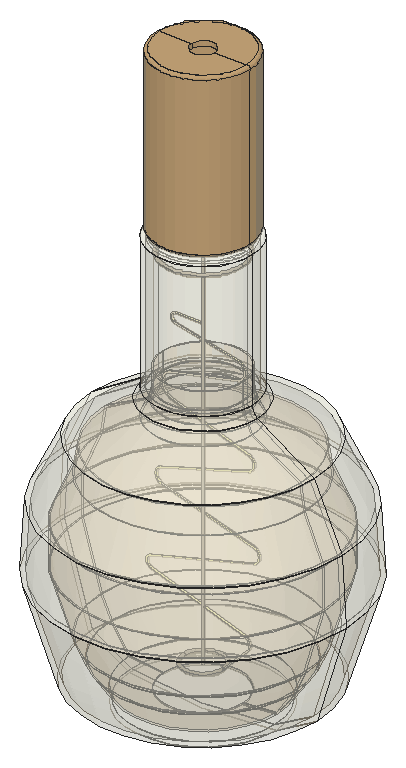
Revit family "LGB4", category Lighting Fixtures, Revit 2024
Family settings
  Round Connector Dimension = Use Diameter
  Part Type = Normal
  OmniClass Number = 23.80.70.00
  OmniClass Title = Lighting
  Work Plane-Based = No
  Always vertical = Yes
  Cut with Voids When Loaded = No
  Light Source = No
  Maintain Annotation Orientation = No
  Shared = No
  Room Calculation Point = No
Parameters
  Default Elevation = 0' - 0"
Reference planes (in)
  plane 1 "Light Source Axis (F/B)": y = 0
  plane 2: z = 0
  plane 3 "Light Source Axis (L/R)": x = 0
  plane 4 "Light Source Elevation": z = 54
Forms (in)
  Revolve 1, solid, material "59"
    sketch origin (0, 0, -1.25622) x (1, 0, 0) y (0, 0, 1)
      loop
        arc (-0.9375, 68) -> (-0.98169, 67.98169) -> (-1, 67.9375) r 0.0625
        line (-1, 67.9375) -> (-1, 64.5625)
        arc (-1, 64.5625) -> (-0.98169, 64.51831) -> (-0.9375, 64.5) r 0.0625
        line (-0.9375, 64.5) -> (-0.90625, 64.5) -> (-0.90625, 67.90625) -> (-0.25, 67.90625) -> (-0.25, 68) -> (-0.9375, 68)
      axis (0, 68) -> (0, 64.5)
    angle from 0 to 360
  Revolve 2, solid, material "GENEVA BULB"
    sketch origin (0, 0, -1.25622) x (1, 0, 0) y (0, 0, 1)
      loop
        line (-0.88048, 64.5) -> (-0.9375, 64.5)
        arc (-0.9375, 64.5) -> (-1.02589, 64.46339) -> (-1.0625, 64.375) r 0.125
        line (-1.0625, 64.375) -> (-1.0625, 61.47885)
        arc (-1.0625, 61.47885) -> (-1.0944, 61.35666) -> (-1.18194, 61.26565) r 0.25
        line (-1.18194, 61.26565) -> (-2.39696, 60.52161) -> (-2.99861, 59.25649) -> (-3.0841, 57.87853) -> (-2.45565, 55.868) -> (-1.57221, 55.38873) -> (0, 55.25622) -> (0, 55.35031) -> (-1.54476, 55.4805) -> (-2.37752, 55.93227) -> (-2.98946, 57.88999) -> (-2.90616, 59.23259) -> (-2.32425, 60.4562) -> (-1.13298, 61.1857)
        arc (-1.13298, 61.1857) -> (-1.01261, 61.31084) -> (-0.96875, 61.47885) r 0.34375
        line (-0.96875, 61.47885) -> (-0.96875, 64.375)
        arc (-0.96875, 64.375) -> (-0.9596, 64.3971) -> (-0.9375, 64.40625) r 0.03125
        line (-0.9375, 64.40625) -> (-0.78673, 64.40625) -> (-0.78673, 65.93591) -> (-0.88048, 65.93591) -> (-0.88048, 64.5)
      axis (0, 65.93591) -> (0, 55.25622)
    angle from 0 to 360
  Revolve 3, solid, material "INTERNAL"
    sketch origin (0, 0, -1.25622) x (1, 0, 0) y (0, 0, 1)
      loop
        circle (-0.81943, 64.07284) r 0.03201
      loop
        circle (-0.41498, 56.14866) r 0.03201
      loop
        line (-0.03125, 64.22167) -> (-0.03125, 56.12681) -> (0, 56.12681) -> (0, 64.22167) -> (-0.03125, 64.22167)
      axis (0, 64.22167) -> (0, 56.12681)
    angle from 0 to 360
  Sweep 4, solid, material "INTERNAL"
    path origin (0, 0, -1.25622) x (1, 0, 0) y (0, 0, 1)
      loop
        line (-0.25, 64.5) -> (-0.25, 64.22199) -> (0.25, 64.22199) -> (0.25, 64.5)
    profile origin (-0.25, 0, 63.10477) x (0, -1, 0) y (1, 0, 0)
      loop
        circle (0, 0) r 0.0312
  Extrusion 5, solid, material "LIGHT"
    sketch origin (0, 0, -1.25622) x (1, 0, 0) y (0, 0, 1)
      loop
        line (-0.03125, 62.67154) -> (-0.03125, 62.70279) -> (-0.58206, 62.70279)
        arc (-0.58206, 62.70279) -> (-0.6944, 62.60075) -> (-0.6036, 62.47914) r 0.11286
        line (-0.6036, 62.47914) -> (0.75023, 62.21598)
        arc (0.75023, 62.21598) -> (0.89385, 62.04482) -> (0.75629, 61.86875) r 0.17752
        line (0.75629, 61.86875) -> (-0.68653, 61.53565)
        arc (-0.68653, 61.53565) -> (-0.90176, 61.27562) -> (-0.70739, 60.99965) r 0.27796
        line (-0.70739, 60.99965) -> (0.99133, 60.46544)
        arc (0.99133, 60.46544) -> (1.0886, 60.33234) -> (0.99027, 60.20001) r 0.13895
        line (0.99027, 60.20001) -> (-0.89784, 59.62276)
        arc (-0.89784, 59.62276) -> (-1.02831, 59.44318) -> (-0.89165, 59.26827) r 0.18442
        line (-0.89165, 59.26827) -> (1.09042, 58.73717)
        arc (1.09042, 58.73717) -> (1.20274, 58.59081) -> (1.09042, 58.44444) r 0.15153
        line (1.09042, 58.44444) -> (-1.11248, 57.85417)
        arc (-1.11248, 57.85417) -> (-1.22286, 57.7129) -> (-1.11748, 57.56786) r 0.14895
        line (-1.11748, 57.56786) -> (0.88594, 56.95535)
        arc (0.88594, 56.95535) -> (0.98941, 56.84631) -> (0.94924, 56.70146) r 0.15263
        line (0.94924, 56.70146) -> (0.41296, 56.16517) -> (0.43505, 56.14307) -> (0.97134, 56.67936)
        arc (0.97134, 56.67936) -> (1.01973, 56.85387) -> (0.89508, 56.98523) r 0.18388
        line (0.89508, 56.98523) -> (-1.10835, 57.59774)
        arc (-1.10835, 57.59774) -> (-1.19162, 57.71235) -> (-1.1044, 57.82399) r 0.1177
        line (-1.1044, 57.82399) -> (1.09851, 58.41425)
        arc (1.09851, 58.41425) -> (1.23399, 58.59081) -> (1.09851, 58.76736) r 0.18278
        line (1.09851, 58.76736) -> (-0.88357, 59.29845)
        arc (-0.88357, 59.29845) -> (-0.99707, 59.44373) -> (-0.8887, 59.59287) r 0.15317
        line (-0.8887, 59.59287) -> (0.99941, 60.17013)
        arc (0.99941, 60.17013) -> (1.11985, 60.33221) -> (1.00071, 60.49525) r 0.1702
        line (1.00071, 60.49525) -> (-0.68734, 61.0261)
        arc (-0.68734, 61.0261) -> (-0.86198, 61.27407) -> (-0.6686, 61.50772) r 0.24976
        line (-0.6686, 61.50772) -> (0.76332, 61.8383)
        arc (0.76332, 61.8383) -> (0.92509, 62.04537) -> (0.75619, 62.24666) r 0.20877
        line (0.75619, 62.24666) -> (-0.59763, 62.50982)
        arc (-0.59763, 62.50982) -> (-0.6633, 62.59775) -> (-0.58206, 62.67154) r 0.08161
        line (-0.58206, 62.67154) -> (-0.03125, 62.67154)
    from 0.01562 to -0.01562
  Revolve 6, solid
    sketch origin (0, 0, 0) x (1, 0, 0) y (0, 0, 1)
      loop
        line (-1.06667, 59.64962) -> (-2.11633, 59.09151) -> (-2.20049, 58.56015) -> (-2.60723, 57.6466) -> (-2.60723, 56.78691) -> (-2.19693, 55.44487) -> (-1.98562, 54.99172) -> (-1.59678, 54.4364) -> (-0.84691, 54.37079) -> (-0.84691, 54.40216) -> (-1.57954, 54.46626) -> (-1.95845, 55.0074) -> (-2.16768, 55.4561) -> (-2.57598, 56.79158) -> (-2.57598, 57.63996) -> (-2.17027, 58.55119) -> (-2.08791, 59.07123) -> (-1.04277, 59.62694) -> (-0.88206, 59.9716) -> (-0.84188, 60.22529) -> (-0.84188, 60.60497) -> (-0.87313, 60.60497) -> (-0.87313, 60.22774) -> (-0.91223, 59.98082) -> (-1.06667, 59.64962)
      axis (0, 60.60497) -> (0, 54.37079)
    angle from 0 to 360
Dimensions and locks (in)
  aligned and locked: level to plane 2
